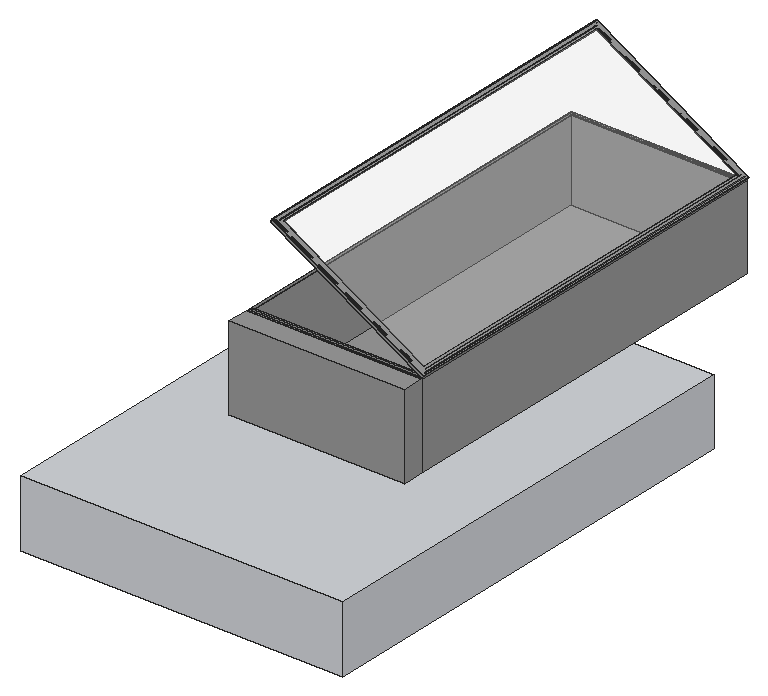
Revit family "Hager-Univers-IP55-D400-H1950-Cl.I-Steel_encl-NL-en", category Equipement électrique, Revit 2020
Family settings
  Hôte = Face
  Configuration du panneau = Deux colonnes, circuits au sein
  Cote de connecteur circulaire = Utiliser le diamètre
  Type d'élément = Tableau de raccordement
  Couper avec des vides une fois chargée = Non
  Partagée = Non
  Point de calcul de pièce = Non
Parameters (values of type "Floor installation IP55 W800 H1950 D400  - FR23V1")
  Width Control [instance] = if([EF000008 - Width] > Min Width, [EF000008 - Width], Min Width)  # 800 mm
  Commentaires du type = [HG000003 - Range]  # "Univers"
  Thickness Door [instance] = if([EF009171 - Material plate thickness door/cover] > 3 mm, 3 mm, [EF009171 - Material plate thickness door/cover])  # 1.5 mm
  Seal Frame Offset [instance] = 17 mm  # constant formula
  Plinth Visibility [instance] = [HG000027 - Plinth height] > 0 mm  # yes
  Model = ""
  Min Width [instance] = 100 mm  # constant formula
  Min Height [instance] = 100 mm  # constant formula
  Min Depth [instance] = (2 * [EF009170 - Material plate thickness cabinet]) + 1 mm  # 4 mm
  Internal Frame Depth [instance] = (Door System Depth * 0.5)  # 9 mm
  Height Control [instance] = if([EF000040 - Height] > Min Height, [EF000040 - Height], Min Height)  # 1950 mm
  HG000027 - Plinth height = 100 mm
  HG000026 - Floor standing = yes
  HG000024 - Bottom section height = 800 mm
  HG000023 - Double section enclosure = no
  HG000016 - Door 3d visibility [instance] = yes
  HG000015 - Clearance visibility [instance] = no
  HG000014 - Door on the right [instance] = yes
  HG000013 - Door on the left [instance] = not([HG000014 - Door on the right])  # no
  HG000012 - Door swing angle [instance] = 30.00°
  HG000010 - Asymmetric doors = no
  HG000009 - Double swing door = no
  HG000006 - Flush mounted = no
  HG000004 - Manufacturer reference = "FR23V1"
  HG000003 - Range = "Univers"
  HG000002 - With door or cover = yes
  Frame Offset Bottom [instance] = 10 mm  # constant formula
  Frame Offset [instance] = 15 mm  # constant formula
  EF015940 - Cover with overpressure release = no
  EF011959 - Degree of protection (NEMA) = ""
  EF009554 - Number of openings for flange plates = 6
  EF009212 - Cover model = "EV000116 - Closed"
  EF009171 - Material plate thickness door/cover = 1.5 mm
  EF009170 - Material plate thickness cabinet = 1.5 mm
  Fabricant = "Hager"  # constant formula
  EF008873 - Nominal current (In) = 800 A
  EF007800 - Suitable for lightning protection = no
  EF006306 - With lock = no
  EF006244 - Transparent cover/door = yes
  EF005474 - Degree of protection (IP) = "EV006420 - IP55"
  EF004464 - Type of door = "EV002646 - Single"
  EF004427 - Number of modules = 432
  EF004293 - Impact strength = "EV008784 - IK10"
  EF003532 - Suitable for outdoor use = no
  EF002950 - Width in number of modular spacings = 24
  EF001613 - Circuit integrity = "EV000494 - None"
  EF001596 - Material housing = "EV000179 - Steel"
  EF001131 - Internal depth = 400 mm
  EF001088 - Extension possible = yes
  EF000437 - Number of conduit inlets = 6
  EF000339 - Type of cover = "EV004216 - Door"
  EF000266 - Number of rows = 12
  EF000218 - Built-in depth = 0 mm
  EF000118 - With mounting plate = no
  EF000116 - RAL-number = "7035"
  EF000049 - Depth = 400 mm
  EF000040 - Height = 1950 mm
  EF000008 - Width = 800 mm
  EF000007 - Colour = "EV000270 - Grey"
  EF000003 - Mounting method = "EV012274 - Floor installation"
  Door System Leaf Tolerance [instance] = 1.5 mm  # constant formula
  Door System Depth [instance] = 18 mm  # constant formula
  Door Height [instance] = Height Control - [HG000027 - Plinth height]  # 1850 mm
  Depth Control [instance] = if([EF000049 - Depth] > Min Depth, [EF000049 - Depth], Min Depth)  # 400 mm
  Default Elevation = 0 mm
  Connector Offset [instance] = Height Control / 2  # 975 mm
  Bottom Top Plate Trim [instance] = 1.5 mm  # constant formula
  Plinth height Ctrl [instance] = if([HG000027 - Plinth height] > 0 mm, [HG000027 - Plinth height], 12 mm)  # 100 mm
Types (11, lengths in mm): name | Width Control | HG000010 - Asymmetric doors | HG000009 - Double swing door | HG000004 - Manufacturer reference | EF009554 - Number of openings for flange plates | EF006244 - Transparent cover/door | EF004464 - Type of door | EF004427 - Number of modules | EF000437 - Number of conduit inlets | EF000008 - Width
  Floor installation IP55 W1050 H1950 D400  - FR24G1 | 1050 | yes | yes | "FR24G1" | 8 | no | "EV003602 - Double" | 576 | 8 | 1050
  Floor installation IP55 W1050 H1950 D400  - FR24V1 | 1050 | yes | yes | "FR24V1" | 8 | yes | "EV003602 - Double" | 576 | 8 | 1050
  Floor installation IP55 W1300 H1950 D400  - FR25G1 | 1300 | yes | yes | "FR25G1" | 10 | no | "EV003602 - Double" | 720 | 10 | 1300
  Floor installation IP55 W1300 H1950 D400  - FR25V1 | 1300 | yes | yes | "FR25V1" | 10 | yes | "EV003602 - Double" | 720 | 10 | 1300
  Floor installation IP55 W1550 H1950 D400  - FR26G1 | 1550 | yes | yes | "FR26G1" | 12 | no | "EV003602 - Double" | 864 | 12 | 1550
  Floor installation IP55 W1550 H1950 D400  - FR26V1 | 1550 | yes | yes | "FR26V1" | 12 | yes | "EV003602 - Double" | 864 | 12 | 1550
  Floor installation IP55 W300 H1950 D400  - FR21G1 | 300 | no | no | "FR21G1" | 2 | no | "EV002646 - Single" | 144 | 2 | 300
  Floor installation IP55 W550 H1950 D400  - FR22G1 | 550 | no | no | "FR22G1" | 4 | no | "EV002646 - Single" | 288 | 4 | 550
  Floor installation IP55 W550 H1950 D400  - FR22V1 | 550 | no | no | "FR22V1" | 4 | yes | "EV002646 - Single" | 288 | 4 | 550
  Floor installation IP55 W800 H1950 D400  - FR23G1 | 800 | no | no | "FR23G1" | 6 | no | "EV002646 - Single" | 432 | 6 | 800
  Floor installation IP55 W800 H1950 D400  - FR23V1 | 800 | no | no | "FR23V1" | 6 | yes | "EV002646 - Single" | 432 | 6 | 800
Reference planes
  plane 1 "Center (Front/Back)": y = 0
  plane 2: z = 0
  plane 3 "Center (Left/Right)": x = 0
  plane 4: z = 400
  plane 5: y = 101.5
  plane 6: y = 1025
  plane 7: y = 100
  plane 8: y = 1950
  plane 9: z = 0
  plane 10: x = -385
  plane 11: x = 385
  plane 12: x = 383.5
  plane 13: x = -383.5
  plane 14: y = 1948.5
  plane 15: x = -383
  plane 16: x = -400
  plane 17: x = 383
  plane 18: x = 400
  plane 19: x = 398.5
  plane 20: x = -398.5
  plane 21: y = 111.5
  plane 22: y = 1950
  plane 23: y = 1933.5
  plane 24: z = 382
  plane 25: z = 1.5
  plane 26: z = 380.5
  plane 27: z = 398.5
Forms (mm)
  Extrusion 1, solid
    sketch origin (0, 0, 0) x (1, 0, 0) y (0, 1, 0)
      loop
        line (-702.964, 1305) -> (-702.964, -811.445) -> (766.763, -811.445) -> (766.763, 1305) -> (-702.964, 1305)
    from 0 to -304.8
  Extrusion 2, solid, material "Hager_Steel_RAL7035_Light_Grey", visible <- "Plinth Visibility", detail levels medium+fine
    sketch origin (0, 0, 0) x (1, 0, 0) y (0, 1, 0)
      loop
        line (-400, 0) -> (400, 0) -> (400, 100) -> (-400, 100) -> (-400, 0)
    from 0 to 382
  Extrusion 3, solid, material "Hager_Steel_RAL7035_Light_Grey", detail levels medium+fine
    sketch origin (0, 0, 0) x (1, 0, 0) y (0, 1, 0)
      loop
        line (-400, 100) -> (400, 100) -> (400, 1950) -> (-400, 1950) -> (-400, 100)
    from 0 to 382
  Extrusion 4, void
    sketch origin (0, 0, 0) x (1, 0, 0) y (0, 1, 0)
      loop
        line (-398.5, 101.5) -> (398.5, 101.5) -> (398.5, 1948.5) -> (-398.5, 1948.5) -> (-398.5, 101.5)
    from 1.5 to 380.5
  Extrusion 5, void
    sketch origin (-381.607, -4572, 382) x (0, -1, 0) y (-1, 0, 0)
      loop
        line (-4683.5, 1.893) -> (-6505.5, 1.893) -> (-6505.5, -765.107) -> (-4683.5, -765.107) -> (-4683.5, 1.893)
    from 0 to 1.5 <- "EF009170 - Material plate thickness cabinet"
  Extrusion 6, solid, material "Hager_Steel_RAL7035_Light_Grey", detail levels fine
    sketch origin (0, 0, 382) x (1, 0, 0) y (0, 1, 0)
      loop
        line (-383.5, 1933.5) -> (-383.5, 111.5) -> (383.5, 111.5) -> (383.5, 1933.5) -> (-383.5, 1933.5)
      loop
        line (-385, 110) -> (385, 110) -> (385, 1935) -> (-385, 1935) -> (-385, 110)
    from 0 to 9 <- "Internal Frame Depth"
  Extrusion 7, solid, material "Hager_Steel_RAL7035_Light_Grey", detail levels coarse
    sketch origin (0, 0, 0) x (1, 0, 0) y (0, 1, 0)
      loop
        line (-400, 0) -> (400, 0) -> (400, 1950) -> (-400, 1950) -> (-400, 0)
    from 0 to 400
  Sweep 8, void
    path in 3D
      loop
        line (-400, 100, 0) -> (400, 100, 0) -> (400, 100, 382) -> (-400, 100, 382) -> (-400, 100, 0)
    profile origin (-400, 100, 191) x (-1, 0, 0) y (0, -1, 0)
      loop
        line (0, 0) -> (0, 1.5) -> (-1.5, 1.5)
        arc (-1.5, 1.5) -> (-1.061, 0.439) -> (0, 0) r 1.5
Cuts and joins
  Extrusion 4, Extrusion 5 cuts Extrusion 3
  Sweep 8 cuts Extrusion 2
Lines and regions (mm)
  Masking region 1
    outline origin (0, 0, 0) x (1, 0, 0) y (0, 0, 1)
      loop
        line (-400, 400) -> (-400, 0) -> (400, 0) -> (400, 400) -> (-400, 400)
  Masking region 2, detail levels medium+fine
    outline origin (0, 140, 0) x (0, 1, 0) y (0, 0, 1)
      loop
        line (-40, 0) -> (1810, 0) -> (1810, 382) -> (-40, 382) -> (-40, 0)
  Masking region 3, not visible, detail levels medium+fine
    outline origin (0, 297.922, 0) x (0, 1, 0) y (0, 0, 1)
      loop
        line (738.578, 0) -> (778.578, 0) -> (778.578, 388.5)
        arc (778.578, 388.5) -> (775.649, 395.571) -> (768.578, 398.5) r 10
        line (768.578, 398.5) -> (738.578, 398.5) -> (738.578, 0)
  Masking region 4, detail levels coarse
    outline origin (0, 0, 180) x (0, 1, 0) y (0, 0, 1)
      loop
        line (0, -180) -> (1950, -180) -> (1950, 220) -> (0, 220) -> (0, -180)
  Masking region 5, visible <- "Plinth Visibility", detail levels medium+fine
    outline origin (0, 52.24, 12.345) x (0, 0, -1) y (0, 1, 0)
      loop
        line (10.845, 47.76) -> (-368.155, 47.76)
        arc (-368.155, 47.76) -> (-368.594, 46.699) -> (-369.655, 46.26) r 1.5
        line (-369.655, 46.26) -> (-369.655, -52.24) -> (12.345, -52.24) -> (12.345, 46.26)
        arc (12.345, 46.26) -> (11.285, 46.699) -> (10.845, 47.76) r 1.5
  Masking region 6, detail levels medium+fine
    outline origin (-381.607, -4572, 382) x (-1, 0, 0) y (0, -1, 0)
      loop
        line (18.393, -6522) -> (18.393, -4672) -> (-781.607, -4672) -> (-781.607, -6522) -> (18.393, -6522)
  Masking region 7, visible <- "Plinth Visibility", detail levels medium+fine
    outline origin (-381.607, -4727, 382) x (-1, 0, 0) y (0, -1, 0)
      loop
        arc (16.893, -4827) -> (17.332, -4825.939) -> (18.393, -4825.5) r 1.5
        line (18.393, -4825.5) -> (18.393, -4727) -> (-781.607, -4727) -> (-781.607, -4825.5)
        arc (-781.607, -4825.5) -> (-780.546, -4825.939) -> (-780.107, -4827) r 1.5
        line (-780.107, -4827) -> (16.893, -4827)
  Masking region 8, detail levels coarse
    outline origin (-442.548, -4669.526, 382) x (-1, 0, 0) y (0, -1, 0)
      loop
        line (-42.548, -6619.526) -> (-42.548, -4669.526) -> (-842.548, -4669.526) -> (-842.548, -6619.526) -> (-42.548, -6619.526)
  sketch lines
    curve 1: line (-400, 100, 382) -> (-400, 100, 0)
    curve 2: line (400, 100, 382) -> (-400, 100, 382)
    curve 3: line (400, 100, 382) -> (400, 100, 0)
    curve 4: line (-400, 100, 0) -> (400, 100, 0)
Dimensions and locks
  "Depth Control": plane 4 to Extrusion 1
  "HG000027 - Plinth height": plane 1 "Center (Front/Back)" to plane 7
  "EF009170 - Material plate thickness cabinet": plane 5 to plane 7
  locked: connector elem to plane 3 "Center (Left/Right)"
  equal spacing: plane 8, plane 6, plane 7
  locked: connector elem to plane 6
  "EF009170 - Material plate thickness cabinet": plane 8 to plane 14
  "EF009170 - Material plate thickness cabinet": plane 10 to plane 13
  "EF009170 - Material plate thickness cabinet": plane 12 to plane 11
  "Frame Offset": plane 20 to plane 13
  "Frame Offset": plane 12 to plane 19
  "EF009170 - Material plate thickness cabinet": plane 16 to plane 20
  "EF009170 - Material plate thickness cabinet": plane 19 to plane 18
  "Seal Frame Offset": plane 16 to plane 15
  "Seal Frame Offset": plane 17 to plane 18
  "Frame Offset Bottom": plane 21 to plane 5
  "Frame Offset": plane 14 to plane 23
  equal spacing: plane 16, plane 3 "Center (Left/Right)", plane 18
  "Width Control": plane 16 to plane 18
  "EF009170 - Material plate thickness cabinet": plane 4 to plane 27
  "EF009170 - Material plate thickness cabinet": plane 24 to plane 26
  "EF009170 - Material plate thickness cabinet": plane 25 to level
  "Door System Depth": plane 4 to plane 24
  "Height Control": plane 1 "Center (Front/Back)" to Extrusion 7 sketch curve
  "Height Control": Masking region 4 sketch curve to plane 1 "Center (Front/Back)"
  "Height Control": plane 1 "Center (Front/Back)" to plane 22
  "Bottom Top Plate Trim": profile plane to Sweep 8 sketch curve
  "Bottom Top Plate Trim": Sweep 8 sketch curve to profile plane
  "Plinth height Ctrl": plane 1 "Center (Front/Back)" to Extrusion 2 sketch curve
  "Plinth height Ctrl": Masking region 5 sketch curve to plane 1 "Center (Front/Back)"
  "Plinth height Ctrl": plane 1 "Center (Front/Back)" to Masking region 7 sketch curve
  "Thickness Door": Extrusion 6 sketch curve to Extrusion 6 sketch curve  (x3)
  "Thickness Door": cut or joined group of Extrusion 3, Extrusion 4, Extrusion 5 to Extrusion 6 sketch curve
  radius of Masking region 3 sketch curve = 10 mm
  "Bottom Top Plate Trim": radius of Masking region 5 sketch curve  (x2)
  "Bottom Top Plate Trim": radius of Sweep 8 sketch curve
  "Bottom Top Plate Trim": radius of Masking region 7 sketch curve  (x2)
  aligned and locked: plane 2 to Extrusion 1
  aligned and locked: level to Extrusion 1
  aligned and locked: level to Masking region 1 sketch curve
  aligned and locked: Masking region 1 sketch curve to plane 18
  aligned and locked: Masking region 1 sketch curve to plane 16
  aligned and locked: plane 7 to Masking region 2 sketch curve
  aligned and locked: level to Masking region 3 sketch curve
  aligned and locked: Masking region 3 sketch curve to plane 27
  aligned and locked: level to Masking region 2 sketch curve
  aligned and locked: plane 1 "Center (Front/Back)" to Extrusion 2 sketch curve
  aligned and locked: Extrusion 3 sketch curve to plane 7
  aligned and locked: plane 16 to Extrusion 3 sketch curve
  aligned and locked: plane 18 to Extrusion 3 sketch curve
  aligned and locked: plane 20 to Extrusion 4 sketch curve
  aligned and locked: plane 19 to Extrusion 4 sketch curve
  aligned and locked: Extrusion 4 sketch curve to plane 5
  aligned and locked: Extrusion 4 to plane 25
  aligned and locked: plane 26 to Extrusion 4
  aligned and locked: plane 24 to Extrusion 3
  aligned and locked: Extrusion 5 sketch curve to plane 21
  aligned and locked: Extrusion 5 sketch curve to plane 13
  aligned and locked: Extrusion 5 sketch curve to plane 12
  aligned and locked: plane 18 to Extrusion 7 sketch curve
  aligned and locked: plane 1 "Center (Front/Back)" to Extrusion 7 sketch curve
  aligned and locked: plane 16 to Extrusion 7 sketch curve
  aligned and locked: plane 4 to Extrusion 7
  aligned and locked: Extrusion 7 to level
  aligned and locked: level to Masking region 4 sketch curve
  aligned and locked: Masking region 4 sketch curve to plane 1 "Center (Front/Back)"
  aligned and locked: Masking region 4 sketch curve to plane 4
  aligned and locked: nested 1 to level
  aligned and locked: nested 1 to plane 16
  aligned and locked: plane 8 to Extrusion 3 sketch curve
  aligned and locked: plane 23 to Extrusion 5 sketch curve
  aligned and locked: plane 14 to Extrusion 4 sketch curve
  aligned and locked: Masking region 2 sketch curve to plane 8
  aligned and locked: level to Masking region 5 sketch curve
  aligned and locked: plane 16 to Extrusion 2 sketch curve
  aligned and locked: plane 18 to Extrusion 2 sketch curve
  aligned and locked: Masking region 5 sketch curve to plane 24
  aligned and locked: Masking region 2 sketch curve to plane 24
  aligned and locked: plane 24 to Extrusion 2
  aligned and locked: profile plane to Sweep 8 sketch curve  (x2)
  aligned and locked: Masking region 6 sketch curve to plane 18
  aligned and locked: Masking region 6 sketch curve to plane 22
  aligned and locked: Masking region 6 sketch curve to plane 16
  aligned and locked: plane 8 to plane 22
  aligned and locked: Masking region 6 sketch curve to plane 7
  aligned and locked: Masking region 7 sketch curve to plane 16
  aligned and locked: Masking region 7 sketch curve to plane 1 "Center (Front/Back)"
  aligned and locked: Masking region 7 sketch curve to plane 18
  aligned and locked: Masking region 8 sketch curve to plane 1 "Center (Front/Back)"
  aligned and locked: Masking region 8 sketch curve to plane 18
  aligned and locked: Masking region 8 sketch curve to plane 22
  aligned and locked: Masking region 8 sketch curve to plane 16
  aligned and locked: nested 2 to plane 7
  aligned and locked: plane 3 "Center (Left/Right)" to nested 2
  aligned and locked: nested 2 to plane 24
  aligned and locked: Extrusion 6 sketch curve to cut or joined group of Extrusion 3, Extrusion 4, Extrusion 5  (x4)
Automatic sketch dimensions
  Extrusion 1 sketch curve to Extrusion 1 sketch curve = 1469.727 mm
  Extrusion 1 sketch curve to Extrusion 1 sketch curve = 2116.445 mm
  Masking region 1 sketch curve to plane 4 = 0 mm
  plane 6 to Masking region 3 sketch curve = 11.5 mm
  Masking region 3 sketch curve to Masking region 3 sketch curve = 30 mm
  Masking region 5 sketch curve to plane 1 "Center (Front/Back)" = 0 mm
Nested families
  nested 1: "Hager_Enclosure_Symbol" at (-400, 0, 0) x (1, 0, 0) z (0, -1, 0), Height <- "Depth Control", Width <- "Width Control", type "Hager_Enclosure_Symbol"
    with Width_Ctrl 800 mm, Width 800 mm, Height_Ctrl 400 mm, Height 400 mm, A_Width_Int 26.25 mm, A_Width 315 mm, A_Height_Ctrl 350 mm, A_Height 350 mm
  nested 2: "EC000058_Univers_Door" at (0, 100, 382) x (1, 0, 0) z (0, 1, 0), Leaf_Tolerance <- "Door System Leaf Tolerance", Angle <- "HG000012 - Door swing angle", Door_Depth <- "Door System Depth", Door_Left <- "HG000013 - Door on the left", Transparent <- "EF006244 - Transparent cover/door", Assymetrical <- "HG000010 - Asymmetric doors", Width <- "Width Control", Clearance <- "HG000015 - Clearance visibility", Double <- "HG000009 - Double swing door", 3d_Door <- "HG000016 - Door 3d visibility", Lock_Visibility <- "EF006306 - With lock", Width_Ctrl <- "Width Control", Door_Right <- "HG000014 - Door on the right", Door <- "HG000002 - With door or cover", Height <- "Door Height", Thickness <- "Thickness Door", type "EC000058_Univers_Door", detail levels medium+fine
    with min_wh 4 mm, Width_Ctrl 800 mm, Width 800 mm, Transparent yes, Thickness 1.5 mm, Seal_Material Hager_Rubber, Lock_Visibility no, Lock_Material Hager_Plastic_RAL9005_Jet_Black, Leaf_Width 800 mm, Leaf_Tolerance_External_Sides 0 mm, Leaf_Tolerance 1.5 mm, Leaf_Offset 0 mm, Leaf_Height 1847 mm, Leaf_2_Width 800 mm, Leaf_2_Offset 400 mm, Leaf_1_Width 800 mm, Leaf_1_Offset 400 mm, Height_Ctrl 1850 mm, Height 1850 mm, Glass_Material Hager_Glass, Double_Clearance_Ctrl no, Double no, Door_Right_Ctrl yes, Door_Right yes, Door_Material Hager_Steel_RAL7035_Light_Grey, Door_Left_Ctrl no, Door_Left no, Door_Depth 18 mm, Door yes, Clearance_Material Hager_Clearance, Clearance_Depth 800 mm, Clearance_Ctrl no, Clearance no, Assymetrical no, Angle 30.00°, 3d_Door yes
Connectors
  electrical at (0, 1025, 0)
    settings: on plane 9, index 1, voltage 0 V, apparent load 0 VA, apparent load phase1 0 VA, apparent load phase2 0 VA, apparent load phase3 0 VA, power factor 1, load classification "Other", number of poles 1, system type 30, power factor state 1, is connector primary yes, connector utility no, sub classification motor no, connector description ""
Definition of nested family "EC000058_Univers_Door"
  Parameters (values of type "EC000058_Univers_Door")
    min_wh [instance] = (2 * Thickness) + 1 mm  # 11 mm
    Width_Ctrl [instance] = 400 mm
    Width [instance] = 500 mm
    Transparent [instance] = yes
    Thickness [instance] = 5 mm
    Seal_Material [instance] = none
    Lock_Visibility [instance] = yes
    Lock_Material [instance] = none
    Leaf_Width [instance] = if((Width_Ctrl - 2 * Leaf_Tolerance_External_Sides) > 0 mm, (Width_Ctrl - 2 * Leaf_Tolerance_External_Sides), min_wh)  # 400 mm
    Leaf_Tolerance_External_Sides [instance] = 0 mm  # constant formula
    Leaf_Tolerance [instance] = 1.5 mm
    Leaf_Offset [instance] = 0 mm  # constant formula
    Leaf_Height [instance] = if((Height_Ctrl - 2 * Leaf_Tolerance) > 0 mm, (Height_Ctrl - 2 * Leaf_Tolerance), min_wh)  # 497 mm
    Leaf_2_Width [instance] = if(and(and(Double, Assymetrical), Door_Left), (Leaf_Width / 3) - (Leaf_Tolerance / 2), if(and(and(Double, Assymetrical), Door_Right), (Leaf_Width / 3) * 2 - (Leaf_Tolerance / 2), if(and(Double, not(Assymetrical)), (Leaf_Width / 2) - Leaf_Tolerance, Leaf_Width)))  # 400 mm
    Leaf_2_Offset [instance] = if(and(Double, Assymetrical), Leaf_2_Width / 2, if(and(Double, not(Assymetrical)), Leaf_Width / 4, Leaf_Width / 2))  # 200 mm
    Leaf_1_Width [instance] = if(and(and(Double, Assymetrical), Door_Right), (Leaf_Width / 3) - (Leaf_Tolerance / 2), if(and(and(Double, Assymetrical), Door_Left), (Width / 3) * 2 - (Leaf_Tolerance / 2), if(and(Double, not(Assymetrical)), (Leaf_Width / 2) - Leaf_Tolerance, Leaf_Width)))  # 400 mm
    Leaf_1_Offset [instance] = if(and(Double, Assymetrical), Leaf_1_Width / 2, if(and(Double, not(Assymetrical)), Leaf_Width / 4, Leaf_Width / 2))  # 200 mm
    Height_Ctrl [instance] = if(Height > min_wh, Height, min_wh)  # 500 mm
    Height [instance] = 500 mm
    Glass_Material [instance] = none
    Double_Clearance_Ctrl [instance] = and(Double, Clearance)  # no
    Double [instance] = no
    Door_Right_Ctrl [instance] = and(or(Door_Right, Double), Door)  # yes
    Door_Right [instance] = yes
    Door_Material [instance] = none
    Door_Left_Ctrl [instance] = and(or(Door_Left, Double), Door)  # no
    Door_Left [instance] = no
    Door_Depth [instance] = 30 mm
    Door [instance] = yes
    Default Elevation = 1219.2 mm
    Clearance_Material [instance] = none
    Clearance_Depth [instance] = if(Leaf_1_Width > Leaf_2_Width, Leaf_1_Width, Leaf_2_Width)  # 400 mm
    Clearance_Ctrl [instance] = and(not(Double), Clearance)  # yes
    Clearance [instance] = yes
    Assymetrical [instance] = yes
    Angle [instance] = 30.00°
    3d_Door [instance] = yes
  Reference planes
    plane 1 "Center (Front/Back)": y = 0
    plane 2 "Bottom": z = 0
    plane 3 "Center (Left/Right)": x = 0
    plane 4: z = 500
    plane 5: x = -200
    plane 6: x = 200
    plane 7: z = 500
    plane 8: x = -200
    plane 9: z = 0
    plane 10: x = 200
    plane 11: y = 0
    plane 12: z = 1.5
    plane 13: x = -600
    plane 14: y = -400
    plane 15: x = 600
    plane 16: x = 0
    plane 17: x = 0
    plane 18: x = -200
    plane 19: x = 200
    plane 20: z = 498.5
  Forms (mm)
    Extrusion 1, solid, material <- "Clearance_Material", visible <- "Double_Clearance_Ctrl"
      sketch origin (1200, 0, 0) x (1, 0, 0) y (0, 0, -1)
        loop
          line (-1800, -498.5) -> (-600, -498.5) -> (-600, 0) -> (-1800, 0) -> (-1800, -498.5)
      from 0 to -400
  Dimensions and locks
    equal spacing: plane 5, plane 3 "Center (Left/Right)", plane 6
    "Width_Ctrl": plane 5 to plane 6
    "Leaf_Offset": plane 5 to plane 8
    "Leaf_Offset": plane 6 to plane 10
    "Leaf_Offset": plane 9 to level
    "Leaf_Offset": plane 4 to plane 7
    "Height_Ctrl": plane 4 to level
    "Leaf_Tolerance": plane 12 to plane 9
    locked: plane 11 to plane 1 "Center (Front/Back)"
    "Leaf_1_Offset": plane 18 to plane 16
    "Leaf_2_Offset": plane 17 to plane 19
    "Leaf_1_Width": plane 13 to plane 8
    "Leaf_2_Width": plane 10 to plane 15
    "Clearance_Depth": plane 14 to plane 1 "Center (Front/Back)"
    "Leaf_Tolerance_External_Sides": plane 8 to plane 18
    "Leaf_Tolerance_External_Sides": plane 19 to plane 10
    "Leaf_Tolerance": plane 7 to plane 20
    aligned and locked: level to plane 2 "Bottom"
    aligned and locked: nested 1 to plane 16
    aligned and locked: nested 2 to plane 17
    aligned and locked: Extrusion 1 to plane 13
    aligned and locked: plane 15 to Extrusion 1
    aligned and locked: Extrusion 1 to plane 14
    aligned and locked: plane 12 to nested 1
    aligned and locked: nested 2 to plane 12
    aligned and locked: Extrusion 1 to plane 11
    aligned and locked: plane 20 to Extrusion 1
    aligned and locked: nested 2 to plane 11
    aligned and locked: nested 1 to plane 11
  Automatic sketch dimensions
    Extrusion 1 sketch curve to level = 0 mm
    plane 5 to Extrusion 1 sketch curve = 400 mm
    plane 6 to Extrusion 1 sketch curve = 400 mm
    Extrusion 1 sketch curve to plane 4 = 1.5 mm
  Nested families
    nested 1: "EC000058_Univers_Door_Leaf" at (0, 0, 1.5), Width <- "Leaf_1_Width", visible <- "Door_Left_Ctrl", Leaf_Height <- "Leaf_Height", Angle <- "Angle", 3d_Door <- "3d_Door", Transparent <- "Transparent", Clearance Material <- "Clearance_Material", Clearance <- "Clearance_Ctrl", Door_Material <- "Door_Material", Glass_Material <- "Glass_Material", Door_Depth <- "Door_Depth", Lock_Material <- "Lock_Material", Seal_Material <- "Seal_Material", Lock_Visibility <- "Lock_Visibility", Thickness <- "Thickness", type "EC000058_Univers_Door_Leaf"
      with Width 400 mm, Transparent_Glass_Offset 30 mm, Transparent_Ctrl yes, Transparent yes, Thickness 5 mm, Standard no, Seal_Material none, Seal_D2 8 mm, Seal_D1 1 mm, Offset_Internal_Frame 10 mm, Lock_Width 20 mm, Lock_Visibility_3d yes, Lock_Visibility yes, Lock_Thickness_3 3 mm, Lock_Thickness_2 1 mm, Lock_Thickness_1 3 mm, Lock_Radius_Offset_2 16 mm, Lock_Radius_Offset_1 15 mm, Lock_Radius_2 5 mm, Lock_Radius 6 mm, Lock_Offset 5 mm, Lock_Material none, Lock_Height 80 mm, Lock_Cover_Top_Offset_2d 17 mm, Lock_Cover_Height -65 mm, Leaf_Height 497 mm, Internal_Seal_Thickness 8 mm, Internal_Seal_Depth_2 4.5 mm, Internal_Frame_Depth 25 mm, Glass_Thickness -1 mm, Glass_Offset -2 mm, Glass_Material none, Door_Material none, Door_Depth 30 mm, Clearance Material none, Clearance yes, Angle_Ctrl 30.00°, Angle 30.00°, 3d_Door yes
    nested 2: "EC000058_Univers_Door_Leaf" at (0, 0, 1.5) x (-1, 0, 0) z (0, 0, 1), Width <- "Leaf_2_Width", visible <- "Door_Right_Ctrl", Leaf_Height <- "Leaf_Height", Angle <- "Angle", 3d_Door <- "3d_Door", Transparent <- "Transparent", Clearance Material <- "Clearance_Material", Clearance <- "Clearance_Ctrl", Door_Material <- "Door_Material", Glass_Material <- "Glass_Material", Door_Depth <- "Door_Depth", Lock_Material <- "Lock_Material", Seal_Material <- "Seal_Material", Lock_Visibility <- "Lock_Visibility", Thickness <- "Thickness", type "EC000058_Univers_Door_Leaf"
      with Width 400 mm, Transparent_Glass_Offset 30 mm, Transparent_Ctrl yes, Transparent yes, Thickness 5 mm, Standard no, Seal_Material none, Seal_D2 8 mm, Seal_D1 1 mm, Offset_Internal_Frame 10 mm, Lock_Width 20 mm, Lock_Visibility_3d yes, Lock_Visibility yes, Lock_Thickness_3 3 mm, Lock_Thickness_2 1 mm, Lock_Thickness_1 3 mm, Lock_Radius_Offset_2 16 mm, Lock_Radius_Offset_1 15 mm, Lock_Radius_2 5 mm, Lock_Radius 6 mm, Lock_Offset 5 mm, Lock_Material none, Lock_Height 80 mm, Lock_Cover_Top_Offset_2d 17 mm, Lock_Cover_Height -65 mm, Leaf_Height 497 mm, Internal_Seal_Thickness 8 mm, Internal_Seal_Depth_2 4.5 mm, Internal_Frame_Depth 25 mm, Glass_Thickness -1 mm, Glass_Offset -2 mm, Glass_Material none, Door_Material none, Door_Depth 30 mm, Clearance Material none, Clearance yes, Angle_Ctrl 30.00°, Angle 30.00°, 3d_Door yes
  Definition of nested family "EC000058_Univers_Door_Leaf"
    Parameters (values of type "EC000058_Univers_Door_Leaf")
      Width [instance] = 2000 mm
      Transparent_Glass_Offset [instance] = 30 mm
      Transparent_Ctrl [instance] = and(Transparent, [3d_Door])  # yes
      Transparent [instance] = yes
      Thickness [instance] = 5 mm
      Standard [instance] = and(not(Transparent), [3d_Door])  # no
      Seal_Material [instance] = none
      Seal_D2 [instance] = 8 mm  # constant formula
      Seal_D1 [instance] = 1 mm  # constant formula
      Offset_Internal_Frame [instance] = 10 mm  # constant formula
      Lock_Width [instance] = 20 mm  # constant formula
      Lock_Visibility_3d [instance] = and(Lock_Visibility, [3d_Door])  # yes
      Lock_Visibility [instance] = yes
      Lock_Thickness_3 [instance] = 3 mm  # constant formula
      Lock_Thickness_2 [instance] = 1 mm  # constant formula
      Lock_Thickness_1 [instance] = 3 mm  # constant formula
      Lock_Radius_Offset_2 [instance] = Lock_Radius_Offset_1 + 1 mm  # 16 mm
      Lock_Radius_Offset_1 [instance] = 15 mm  # constant formula
      Lock_Radius_2 [instance] = Lock_Radius - 1 mm  # 5 mm
      Lock_Radius [instance] = 6 mm  # constant formula
      Lock_Offset [instance] = 5 mm  # constant formula
      Lock_Material [instance] = none
      Lock_Height [instance] = 80 mm  # constant formula
      Lock_Cover_Top_Offset_2d [instance] = Lock_Radius_Offset_2 + 1 mm  # 17 mm
      Lock_Cover_Height [instance] = -(Lock_Height - Lock_Radius_Offset_1)  # -65 mm
      Leaf_Height [instance] = 2720.336 mm
      Internal_Seal_Thickness [instance] = 8 mm  # constant formula
      Internal_Seal_Depth_2 [instance] = 4.5 mm  # constant formula
      Internal_Frame_Depth [instance] = if(Door_Depth - Thickness > 5 mm, Door_Depth - Thickness, 5 mm)  # 25 mm
      Glass_Thickness [instance] = if(Thickness > 15 mm, Glass_Offset + 10 mm, -1 mm)  # -1 mm
      Glass_Offset [instance] = if(Thickness > 15 mm, -(Thickness + 10 mm) / 2, -2 mm)  # -2 mm
      Glass_Material [instance] = none
      Door_Material [instance] = none
      Door_Depth [instance] = 30 mm
      Default Elevation = 0 mm
      Clearance Material [instance] = none
      Clearance [instance] = yes
      Angle_Ctrl [instance] = if(Angle > 180.00°, 180.00°, Angle)  # 90.00°
      Angle [instance] = 90.00°
      3d_Door [instance] = yes
    Reference planes
      plane 1 "Center (Front/Back)": y = 0
      plane 2: z = 0
      plane 3 "Center (Left/Right)": x = 0
      plane 4: y = 2000
      plane 5: x = -1000
      plane 6: x = 1000
      plane 7: x = -3000
      plane 8: z = 2720.336
      plane 9: z = 30
      plane 10: z = 2690.336
      plane 11: x = 970
      plane 12: x = -970
      plane 13: y = -3
      plane 14: z = 107.833
      plane 15: y = -5
      plane 16: y = -223.314
      plane 17: x = -1000
      plane 18: z = 1360.168
      plane 19: y = 30
    Forms (mm)
      Extrusion 1, solid, material <- "Clearance Material", visible <- "Clearance"
        sketch origin (0, 0, 0) x (1, 0, 0) y (0, 0, 1)
          loop
            line (-3000, 2720.336) -> (-3000, 0) -> (1000, 0) -> (1000, 2720.336) -> (-3000, 2720.336)
        from 0 to -2000
      Extrusion 2, solid, material <- "Door_Material", visible <- "Standard", detail levels medium+fine
        sketch origin (-1000, 0, 0) x (0, 1, 0) y (-1, 0, 0)
          loop
            line (0, 30) -> (0, 25) -> (2000, 25) -> (2000, 30) -> (0, 30)
        from 0 to 2720.336 <- "Leaf_Height"
      Extrusion 3, solid, material <- "Door_Material", visible <- "Transparent_Ctrl", detail levels medium+fine
        sketch origin (-1000, 0, 0) x (0, 1, 0) y (-1, 0, 0)
          loop
            line (0, 25) -> (2000, 25) -> (2000, 30) -> (0, 30) -> (0, 25)
        from 0 to 2720.336 <- "Leaf_Height"
      Extrusion 4, void
        sketch origin (-1025, 2000, 0) x (0, 1, 0) y (0, 0, -1)
          loop
            line (-30, -2690.336) -> (-30, -30) -> (-1970, -30) -> (-1970, -2690.336) -> (-30, -2690.336)
        from 0 to 5 <- "Thickness"
      Sweep 5, solid, material <- "Seal_Material", visible <- "Transparent_Ctrl", detail levels fine
        path in 3D
          loop
            line (-1025, 30, 30) -> (-1025, 30, 2690.336) -> (-1025, 1970, 2690.336) -> (-1025, 1970, 30) -> (-1025, 30, 30)
        profile origin (-1025, 1000, 30) x (1, 0, 0) y (0, 0, 1)
          loop
            line (0, 0) -> (0, -8) -> (1, -8) -> (1, 0) -> (0, 0)
      Extrusion 6, solid, material <- "Glass_Material", visible <- "Transparent_Ctrl", detail levels medium+fine
        sketch origin (-1030, 0, 0) x (0, 1, 0) y (0, 0, -1)
          loop
            line (1970, -2690.336) -> (1970, -30) -> (30, -30) -> (30, -2690.336) -> (1970, -2690.336)
        from -2 <- "Glass_Offset" to -1 <- "Glass_Thickness"
      Extrusion 7, solid, material <- "Door_Material", visible <- "3d_Door", detail levels medium+fine
        sketch origin (-1025, 2000, 0) x (0, -1, 0) y (0, 0, -1)
          loop
            line (0, -2720.336) -> (2000, -2720.336) -> (2000, 0) -> (0, 0) -> (0, -2720.336)
          loop
            line (1995, -5) -> (5, -5) -> (5, -2715.336) -> (1995, -2715.336) -> (1995, -5)
        from 0 to 25 <- "Internal_Frame_Depth"
      Sweep 8, solid, material <- "Seal_Material", visible <- "Transparent_Ctrl", detail levels fine
        path in 3D
          loop
            line (-1025, 0, 0) -> (-1025, 2000, 0) -> (-1025, 2000, 2720.336) -> (-1025, 0, 2720.336) -> (-1025, 0, 0)
        profile origin (-1025, 0, 1360.168) x (1, 0, 0) y (0, 1, 0)
          loop
            line (0, 10) -> (2.975, 10)
            arc (2.975, 10) -> (4.053, 10.447) -> (4.5, 11.525) r 1.525
            line (4.5, 11.525) -> (4.5, 16.527)
            arc (4.5, 16.527) -> (4.069, 17.569) -> (3.027, 18) r 1.473
            line (3.027, 18) -> (0, 18) -> (0, 10)
      Extrusion 9, solid, material <- "Lock_Material", visible <- "Lock_Visibility_3d", detail levels fine
        sketch origin (-1030, 0, 0) x (0, 1, 0) y (0, 0, -1)
          loop
            arc (1993.5, -1400.168) -> (1994.561, -1399.729) -> (1995, -1398.668) r 1.5
            line (1995, -1398.668) -> (1995, -1320.168) -> (1975, -1320.168) -> (1975, -1398.668)
            arc (1975, -1398.668) -> (1975.439, -1399.729) -> (1976.5, -1400.168) r 1.5
            line (1976.5, -1400.168) -> (1993.5, -1400.168)
        from 3 <- "Lock_Thickness_1" to 0
      Blend 10, solid, material <- "Lock_Material", visible <- "Lock_Visibility_3d", detail levels fine
        base sketch origin (-1033, 0, 0) x (0, 1, 0) y (0, 0, -1)
          loop
            line (1975, -1320.168) -> (1975, -1398.668)
            arc (1975, -1398.668) -> (1975.439, -1399.729) -> (1976.5, -1400.168) r 1.5
            line (1976.5, -1400.168) -> (1993.5, -1400.168)
            arc (1993.5, -1400.168) -> (1994.561, -1399.729) -> (1995, -1398.668) r 1.5
            line (1995, -1398.668) -> (1995, -1320.168) -> (1975, -1320.168)
        top sketch origin (-1033, 0, 0) x (0, 1, 0) y (0, 0, -1)
          loop
            line (1976, -1320.168) -> (1976, -1398.668)
            arc (1976, -1398.668) -> (1976.146, -1399.022) -> (1976.5, -1399.168) r 0.5
            line (1976.5, -1399.168) -> (1993.5, -1399.168)
            arc (1993.5, -1399.168) -> (1993.854, -1399.022) -> (1994, -1398.668) r 0.5
            line (1994, -1398.668) -> (1994, -1320.168) -> (1976, -1320.168)
        from 0 to 1 <- "Lock_Thickness_2"
      Blend 11, solid, material <- "Lock_Material", visible <- "Lock_Visibility_3d", detail levels fine
        base sketch origin (-1034, 0, 0) x (0, 1, 0) y (0, 0, -1)
          loop
            line (1978, -1320.168) -> (1978, -1384.168)
            arc (1978, -1384.168) -> (1985, -1391.168) -> (1992, -1384.168) r 7
            line (1992, -1384.168) -> (1992, -1320.168) -> (1978, -1320.168)
        top sketch origin (-1034, 0, 0) x (0, 1, 0) y (0, 0, -1)
          loop
            line (1991, -1320.168) -> (1979, -1320.168) -> (1979, -1383.168)
            arc (1979, -1383.168) -> (1985, -1389.168) -> (1991, -1383.168) r 6
            line (1991, -1383.168) -> (1991, -1320.168)
        from 0 to 3 <- "Lock_Thickness_3"
      Extrusion 12, solid, material <- "Lock_Material", visible <- "Lock_Visibility_3d", detail levels fine
        sketch origin (-1030, 1975, 1320.168) x (1, 0, 0) y (0, -1, 0)
          loop
            line (-7, -19) -> (-7, -1) -> (0, -1) -> (0, 0) -> (-8, 0) -> (-8, -20) -> (0, -20) -> (0, -19) -> (-7, -19)
        from 0 to -65 <- "Lock_Cover_Height"
      Extrusion 13, void
        sketch origin (-1038, 1995, 1320.168) x (-1, 0, 0) y (0, 0, -1)
          loop
            line (-5, -65) -> (0, -65) -> (-5, -60) -> (-5, -65)
        from 0 to 20 <- "Lock_Width"
      Extrusion 14, void
        sketch origin (-1038, 1975, 1320.168) x (0, -1, 0) y (0, 0, -1)
          loop
            circle (-10, -15.995) r 6
          loop
            circle (-10, -15.995) r 5
        from 0 to 2
      Extrusion 15, solid, material <- "Lock_Material", visible <- "Lock_Visibility_3d", detail levels medium
        sketch origin (-1030, 0, 0) x (0, 1, 0) y (0, 0, -1)
          loop
            arc (1993.5, -1400.168) -> (1994.561, -1399.729) -> (1995, -1398.668) r 1.5
            line (1995, -1398.668) -> (1995, -1320.168) -> (1975, -1320.168) -> (1975, -1398.668)
            arc (1975, -1398.668) -> (1975.439, -1399.729) -> (1976.5, -1400.168) r 1.5
            line (1976.5, -1400.168) -> (1993.5, -1400.168)
        from 8 to 0
    Cuts and joins
      Extrusion 4 cuts Extrusion 3
      Extrusion 13, Extrusion 14 cuts Extrusion 9
      Extrusion 14 cuts Blend 11
      Extrusion 13, Extrusion 14 cuts Extrusion 12
      joined: Extrusion 9, Blend 10, Blend 11, Extrusion 12
      Extrusion 14 cuts Extrusion 15
    Lines and regions (mm)
      Masking region 1, visible <- "Lock_Visibility", detail levels fine
        outline origin (0, 0, 0) x (0, 1, 0) y (0, 0, 1)
          loop
            line (30, 1320.168) -> (33, 1320.168) -> (33, 1400.168) -> (30, 1400.168) -> (30, 1320.168)
      Masking region 2, visible <- "Lock_Visibility", detail levels fine
        outline origin (0, 3.143, 0) x (0, 1, 0) y (0, 0, 1)
          loop
            line (29.857, 1354.168) -> (30.857, 1354.168) -> (30.857, 1366.168) -> (29.857, 1366.168) -> (29.857, 1354.168)
      Masking region 3, detail levels medium+fine
        outline origin (0, 0, 0) x (0, 1, 0) y (0, 0, 1)
          loop
            line (0, 0) -> (30, 0) -> (30, 2720.336) -> (0, 2720.336) -> (0, 0)
      Masking region 4, detail levels medium+fine
        outline origin (0, 0, 0) x (1, 0, 0) y (0, 0, 1)
          loop
            line (-1000, 2720.336) -> (-1000, 0) -> (1000, 0) -> (1000, 2720.336) -> (-1000, 2720.336)
      Masking region 5, visible <- "Lock_Visibility", detail levels fine
        outline origin (-47.116, 0, 0) x (1, 0, 0) y (0, 0, 1)
          loop
            arc (1024.616, 1399.168) -> (1023.556, 1398.729) -> (1023.116, 1397.668) r 1.5
            line (1023.116, 1397.668) -> (1023.116, 1320.168) -> (1041.116, 1320.168) -> (1041.116, 1397.668)
            arc (1041.116, 1397.668) -> (1040.677, 1398.729) -> (1039.616, 1399.168) r 1.5
            line (1039.616, 1399.168) -> (1024.616, 1399.168)
      Masking region 6, visible <- "Lock_Visibility", detail levels medium+fine
        outline origin (-25, 0, 0) x (1, 0, 0) y (0, 0, 1)
          loop
            arc (1001.5, 1400.168) -> (1000.439, 1399.729) -> (1000, 1398.668) r 1.5
            line (1000, 1398.668) -> (1000, 1320.168) -> (1020, 1320.168) -> (1020, 1398.668)
            arc (1020, 1398.668) -> (1019.561, 1399.729) -> (1018.5, 1400.168) r 1.5
            line (1018.5, 1400.168) -> (1001.5, 1400.168)
      Masking region 7, visible <- "Lock_Visibility", detail levels fine
        outline origin (-73.735, 0, 0) x (1, 0, 0) y (0, 0, 1)
          loop
            line (1051.735, 1382.168) -> (1065.735, 1382.168) -> (1065.735, 1384.168)
            arc (1065.735, 1384.168) -> (1058.735, 1391.168) -> (1051.735, 1384.168) r 7
            line (1051.735, 1384.168) -> (1051.735, 1382.168)
      Masking region 8, visible <- "Lock_Visibility", detail levels fine
        outline origin (-73.735, 0, 0) x (1, 0, 0) y (0, 0, 1)
          loop
            line (1052.735, 1382.168) -> (1064.735, 1382.168) -> (1064.735, 1383.168)
            arc (1064.735, 1383.168) -> (1058.735, 1389.168) -> (1052.735, 1383.168) r 6
            line (1052.735, 1383.168) -> (1052.735, 1382.168)
      Masking region 9, visible <- "Lock_Visibility", detail levels fine
        outline origin (-25, 0, 0) x (1, 0, 0) y (0, 0, 1)
          loop
            line (1020, 1320.168) -> (1020, 1382.168) -> (1000, 1382.168) -> (1000, 1320.168) -> (1020, 1320.168)
      Masking region 10, detail levels medium+fine
        outline origin (0, 0, 0) x (1, 0, 0) y (0, 0, 1)
          loop
            circle (985, 1335.144) r 6
      Masking region 11, detail levels fine
        outline origin (0, 0, 0) x (1, 0, 0) y (0, 0, 1)
          loop
            circle (985, 1335.144) r 5
      Masking region 12, visible <- "Lock_Visibility", detail levels fine
        outline origin (0, 12.767, 0) x (0, 1, 0) y (0, 0, 1)
          loop
            line (20.233, 1320.168) -> (21.233, 1320.168) -> (21.233, 1399.168) -> (20.233, 1400.168) -> (20.233, 1320.168)
      Masking region 13, visible <- "Lock_Visibility", detail levels fine
        outline origin (0, 13.767, -10) x (0, 1, 0) y (0, 0, 1)
          loop
            line (20.233, 1330.168) -> (23.233, 1330.168) -> (23.233, 1399.168) -> (20.233, 1402.168) -> (20.233, 1330.168)
      Masking region 14, visible <- "Lock_Visibility", detail levels fine
        outline origin (0, 12.767, -10) x (0, 1, 0) y (0, 0, 1)
          loop
            line (20.233, 1330.168) -> (25.233, 1330.168) -> (25.233, 1399.305) -> (20.233, 1394.305) -> (20.233, 1330.168)
      Masking region 15, visible <- "Lock_Visibility", detail levels medium
        outline origin (0, 0, 0) x (0, 1, 0) y (0, 0, 1)
          loop
            line (30, 1320.168) -> (38, 1320.168) -> (38, 1400.168) -> (30, 1400.168) -> (30, 1320.168)
      Masking region 16, visible <- "Lock_Visibility", detail levels fine
        outline origin (-1000, 0, 0) x (0, 1, 0) y (-1, 0, 0)
          loop
            line (1975, 30) -> (1995, 30) -> (1995, 38) -> (1975, 38) -> (1975, 30)
          loop
            line (1979, 37) -> (1976, 37) -> (1976, 34) -> (1978, 34) -> (1979, 37)
          loop
            line (1994, 37) -> (1991, 37) -> (1992, 34) -> (1994, 34) -> (1994, 37)
      Masking region 17, visible <- "Lock_Visibility", detail levels medium
        outline origin (-1000, 0, 0) x (0, 1, 0) y (-1, 0, 0)
          loop
            line (1975, 30) -> (1995, 30) -> (1995, 38) -> (1975, 38) -> (1975, 30)
      symbolic lines
        curve 1: line (1000, 0, 0) -> (-3000, 0, 0)
        curve 2: arc (1000, 0, 0) -> (-1000, 2000, 0) -> (-3000, 0, 0) r 2000
        curve 4: line (-1030, 0, 0) -> (-1030, 2000, 0)
      reference lines
        curve 3: line (-1000, 0, 0) -> (-1000, 2000, 0)
      symbolic lines, detail levels medium+fine
        curve 5: line (-1030, 2000, 0) -> (-1025, 2000, 0)
        curve 7: line (-1025, 0, 0) -> (-1030, 0, 0)
        curve 8: line (-1025, 0, 0) -> (-1000, 0, 0)
        curve 9: line (-1000, 0, 0) -> (-1000, 2000, 0)
        curve 10: line (-1000, 2000, 0) -> (-1025, 2000, 0)
      symbolic lines, detail levels fine
        curve 6: line (-1025, 2000, 0) -> (-1025, 0, 0)
      sketch lines
        curve 11: line (-1025, 0, 2720.336) -> (-1025, 0, 0)
        curve 12: line (-1025, 2000, 0) -> (-1025, 0, 0)
        curve 13: line (-1025, 2000, 2720.336) -> (-1025, 2000, 0)
        curve 14: line (-1025, 0, 2720.336) -> (-1025, 2000, 2720.336)
        curve 15: line (-1025, 1970, 30) -> (-1025, 30, 30)
        curve 16: line (-1025, 30, 30) -> (-1025, 30, 2690.336)
        curve 17: line (-1025, 1970, 2690.336) -> (-1025, 1970, 30)
        curve 18: line (-1025, 30, 2690.336) -> (-1025, 1970, 2690.336)
      symbolic lines, visible <- "Transparent", detail levels medium+fine
        curve 19: line (-970, 0, 2690.336) -> (970, 0, 2690.336)
        curve 20: line (-970, 0, 30) -> (-970, 0, 2690.336)
        curve 21: line (970, 0, 30) -> (-970, 0, 30)
        curve 22: line (970, 0, 2690.336) -> (970, 0, 30)
    Dimensions and locks
      "Width": plane 1 "Center (Front/Back)" to plane 4
      equal spacing: plane 5, plane 3 "Center (Left/Right)", plane 6
      "Width": plane 5 to plane 6
      "Width": plane 7 to plane 5
      "Leaf_Height": plane 8 to level
      "Width": curve 5 to curve 3
      "Width": curve 3 to curve 3
      plane 8 to plane 10 = 30 mm
      plane 9 to level = 30 mm
      plane 12 to plane 5 = 30 mm
      plane 6 to plane 11 = 30 mm
      Extrusion 1 to Extrusion 4 sketch curve = 30 mm
      "Transparent_Glass_Offset": curve 3 to Extrusion 4 sketch curve
      "Transparent_Glass_Offset": Extrusion 4 sketch curve to cut or joined group of Extrusion 3, Extrusion 4  (x2)
      cut or joined group of Extrusion 3, Extrusion 4 to Extrusion 6 sketch curve = 30 mm
      "Transparent_Glass_Offset": cut or joined group of Extrusion 3, Extrusion 4 to Extrusion 4 sketch curve
      "Thickness": curve 6 to curve 4
      "Thickness": Extrusion 7 sketch curve to Extrusion 7 sketch curve  (x4)
      "Door_Depth": curve 4 to curve 3
      "Offset_Internal_Frame": profile plane to Sweep 8 sketch curve
      "Internal_Seal_Thickness": Sweep 8 sketch curve to Sweep 8 sketch curve
      "Internal_Seal_Depth_2": profile plane to Sweep 8 sketch curve
      "Seal_D1": profile plane to Sweep 5 sketch curve
      "Seal_D2": profile plane to Sweep 5 sketch curve
      "Thickness": Extrusion 2 sketch curve to Extrusion 2 sketch curve
      equal spacing: Extrusion 9 sketch curve, plane 18, Extrusion 9 sketch curve  (x2)
      equal spacing: Masking region 1 sketch curve, plane 18, Masking region 1 sketch curve
      "Lock_Height": Masking region 1 sketch curve to Masking region 1 sketch curve
      "Lock_Radius": Masking region 2 sketch curve to plane 18 to Masking region 2 sketch curve
      Masking region 2 sketch curve to Masking region 1 = 1 mm
      "Door_Depth": plane 19 to plane 1 "Center (Front/Back)"
      "Lock_Thickness_1": Masking region 1 sketch curve to plane 19
      "Lock_Width": Extrusion 9 sketch curve to Extrusion 9 sketch curve
      "Lock_Height": Extrusion 9 sketch curve to Extrusion 9 sketch curve
      "Lock_Offset": cut or joined group of Extrusion 3, Extrusion 4 to Extrusion 9 sketch curve
      equal spacing: plane 8, plane 18, level
      "Lock_Radius_Offset_1": Blend 11 sketch curve to Blend 10
      locked: Blend 10 to Blend 11 sketch curve at 2  (x2)
      locked: var sketch to Blend 11 sketch curve at 1  (x2)
      "Lock_Radius_Offset_2": Blend 11 sketch curve to Blend 10
      locked: Extrusion 12 sketch curve to Extrusion 12 sketch curve at 1  (x3)
      Masking region 6 sketch curve to Masking region 6 sketch curve = 80 mm
      "Lock_Height": Masking region 6 sketch curve to Masking region 6 sketch curve
      "Lock_Width": Masking region 6 sketch curve to Masking region 6 sketch curve
      locked: Masking region 6 to Masking region 5 sketch curve at 1  (x3)
      locked: Masking region 5 to Masking region 7 sketch curve at 2  (x2)
      "Lock_Radius_Offset_1": Masking region 5 to Masking region 7 sketch curve
      "Lock_Radius_Offset_2": Masking region 5 to Masking region 8 sketch curve
      locked: Masking region 7 to Masking region 8 sketch curve at 1  (x2)
      "Lock_Cover_Top_Offset_2d": Masking region 5 to Masking region 9 sketch curve
      equal spacing: Masking region 9, Masking region 10 sketch curve, Masking region 9
      equal spacing: Masking region 9, Masking region 11 sketch curve, Masking region 9
      Extrusion 15 sketch curve to Extrusion 15 sketch curve = 80 mm
      "Lock_Width": Extrusion 15 sketch curve to Extrusion 15 sketch curve
      "Lock_Height": Extrusion 15 sketch curve to Extrusion 15 sketch curve
      equal spacing: Extrusion 15 sketch curve, plane 18, Extrusion 15 sketch curve
      "Lock_Thickness_3": Masking region 13 sketch curve to Masking region 13 sketch curve
      "Lock_Height": Masking region 12 sketch curve to Masking region 12 sketch curve
      locked: Masking region 13 sketch curve to Masking region 1 at 8
      locked: Masking region 14 sketch curve to Masking region 13 at 1
      locked: Masking region 14 sketch curve to Masking region 1 at 10.863
      "Lock_Height": Masking region 15 sketch curve to Masking region 15 sketch curve
      "Lock_Offset": Extrusion 15 sketch curve to cut or joined group of Extrusion 3, Extrusion 4
      "Lock_Offset": plane 6 to Masking region 6 sketch curve
      radius of Sweep 8 sketch curve = 1.525 mm
      radius of Sweep 8 sketch curve = 1.473 mm
      radius of Extrusion 9 sketch curve = 1.5 mm  (x2)
      "Lock_Radius": radius of Extrusion 14 sketch curve
      "Lock_Radius_2": radius of Extrusion 14 sketch curve
      "Lock_Radius": radius of Masking region 10 sketch curve
      "Lock_Radius_2": radius of Masking region 11 sketch curve
      radius of Extrusion 15 sketch curve = 1.5 mm  (x2)
      "Angle_Ctrl": angle plane 1 "Center (Front/Back)" to curve 3
      locked: Masking region 12 sketch curve to Masking region 12 sketch curve (angle 45.00°)
      locked: Masking region 13 sketch curve to Masking region 13 sketch curve (angle 45.00°)
      locked: Masking region 14 sketch curve to Masking region 14 sketch curve (angle 45.00°)
      aligned and locked: level to plane 2
      aligned and locked: Extrusion 1 to curve 1
      aligned and locked: plane 6 to Extrusion 1
      aligned and locked: Extrusion 1 to plane 1 "Center (Front/Back)"
      aligned and locked: plane 4 to Extrusion 1
      aligned and locked: plane 8 to Extrusion 1
      aligned and locked: curve 7 to Extrusion 2 sketch curve
      aligned and locked: curve 5 to Extrusion 2 sketch curve
      aligned and locked: curve 7 to Extrusion 3 sketch curve
      aligned and locked: Extrusion 3 sketch curve to curve 4
      aligned and locked: Extrusion 3 sketch curve to curve 6
      aligned and locked: Extrusion 3 sketch curve to curve 5
      aligned and locked: curve 9 to curve 3
      aligned and locked: Extrusion 7 sketch curve to cut or joined group of Extrusion 3, Extrusion 4  (x4)
      aligned and locked: plane 17 to curve 3
      aligned and locked: plane 1 "Center (Front/Back)" to curve 3
      aligned and locked: plane 17 to plane 5
      aligned and locked: Sweep 8 sketch curve to profile plane
      aligned and locked: Sweep 5 sketch curve to profile plane  (x2)
      aligned and locked: Masking region 1 to Masking region 2 sketch curve
      aligned and locked: plane 19 to Masking region 1 sketch curve
      aligned and locked: plane 1 "Center (Front/Back)" to Masking region 3 sketch curve
      aligned and locked: plane 19 to Masking region 3 sketch curve
      aligned and locked: level to Masking region 3 sketch curve
      aligned and locked: Masking region 3 sketch curve to plane 8
      aligned and locked: plane 17 to Masking region 4 sketch curve
      aligned and locked: level to Masking region 4 sketch curve
      aligned and locked: Masking region 4 sketch curve to plane 8
      aligned and locked: plane 12 to curve 20
      aligned and locked: plane 10 to curve 19
      aligned and locked: plane 11 to curve 22
      aligned and locked: curve 21 to plane 9
      aligned and locked: Extrusion 2 sketch curve to cut or joined group of Extrusion 3, Extrusion 4
      aligned and locked: Blend 10 sketch curve to Extrusion 9  (x4)
      aligned and locked: Extrusion 9 to Blend 10 sketch curve
      aligned and locked: Blend 10 to Blend 11 sketch curve
      aligned and locked: Extrusion 12 sketch curve to Blend 11
      aligned and locked: Extrusion 12 sketch curve to Extrusion 9  (x4)
      aligned and locked: Masking region 5 sketch curve to Masking region 6
      aligned and locked: Masking region 9 sketch curve to Masking region 6  (x3)
      aligned and locked: Masking region 12 sketch curve to Masking region 1
      aligned and locked: Masking region 13 sketch curve to Masking region 1
      aligned and locked: Masking region 12 to Masking region 14
      aligned and locked: Masking region 14 sketch curve to Masking region 1
      aligned and locked: Masking region 15 sketch curve to Masking region 14
      aligned and locked: Masking region 13 sketch curve to Masking region 12
      aligned and locked: Masking region 16 sketch curve to cut or joined group of Extrusion 14, Extrusion 15  (x4)
      aligned and locked: Masking region 16 sketch curve to cut or joined group of Extrusion 9, Blend 10, Blend 11, Extrusion 12, Extrusion 13, Extrusion 14  (x6)
      aligned and locked: cut or joined group of Extrusion 9, Blend 10, Blend 11, Extrusion 12, Extrusion 13, Extrusion 14 to Masking region 16 sketch curve
      aligned and locked: Masking region 17 sketch curve to cut or joined group of Extrusion 14, Extrusion 15  (x3)
      aligned and locked: Masking region 17 sketch curve to cut or joined group of Extrusion 9, Blend 10, Blend 11, Extrusion 12, Extrusion 13, Extrusion 14
      aligned and locked: Masking region 9 to Masking region 8 sketch curve
      aligned and locked: Masking region 9 to Masking region 7 sketch curve
    Automatic sketch dimensions
      plane 1 "Center (Front/Back)" to curve 2 = 0 mm
      curve 2 to plane 5 = 0 mm
      Extrusion 1 sketch curve to level = 0 mm
      Extrusion 1 sketch curve to plane 7 = 0 mm
      Extrusion 1 sketch curve to plane 6 = 0 mm
      Extrusion 1 sketch curve to plane 8 = 0 mm
      Extrusion 3 to Extrusion 6 sketch curve = 30 mm  (x4)
      Masking region 4 sketch curve to plane 6 = 0 mm
      Blend 10 sketch curve to Extrusion 9 = 1.5 mm
      Blend 10 sketch curve to Extrusion 9 = 1 mm
      Extrusion 13 sketch curve to Extrusion 12 = 0 mm  (x2)
      Extrusion 12 to Extrusion 13 sketch curve = 3 mm
      Extrusion 13 sketch curve to Extrusion 12 = 5 mm
      Extrusion 14 sketch curve to Extrusion 14 sketch curve = 0 mm  (x2)
      Extrusion 14 sketch curve to Extrusion 12 = 10 mm
      Extrusion 14 sketch curve to Extrusion 12 = 15.995 mm
      Masking region 5 sketch curve to Masking region 5 sketch curve = 1.5 mm  (x2)
      Masking region 10 sketch curve to plane 18 = 25.024 mm
      Masking region 11 sketch curve to plane 18 = 25.024 mm
      plane 19 to Masking region 14 sketch curve = 3 mm
      Masking region 16 sketch curve to Masking region 16 sketch curve = 3 mm
      curve 4 to curve 3 = 0 mm
      Blend 10 to Blend 11 sketch curve = 0 mm
      Masking region 6 sketch curve to Masking region 6 sketch curve = 1.5 mm  (x2)
      Masking region 6 sketch curve to plane 18 = 40 mm
      plane 19 to Masking region 12 sketch curve = 3 mm
      Masking region 12 sketch curve to Masking region 12 sketch curve = 1 mm
      Masking region 15 sketch curve to plane 19 = 0 mm
      Masking region 15 sketch curve to plane 18 = 40 mm
      radius of Blend 10 sketch curve to Extrusion 9 = 1 mm
Definition of nested family "Hager_Enclosure_Symbol"
  Parameters (values of type "Hager_Enclosure_Symbol")
    Width_Ctrl [instance] = if(Width > 1 mm, Width, 1 mm)  # 102.27 mm
    Width [instance] = 102.27 mm
    Height_Ctrl [instance] = if(Height > 1 mm, Height, 1 mm)  # 66.5 mm
    A_Width_Int [instance] = if(A_Width / 12 > 2 mm, A_Width / 12, 2 mm)  # 4.364 mm
    A_Width [instance] = if(A_Height_Ctrl * 0.9 > 2 mm, A_Height_Ctrl * 0.9, 2 mm)  # 52.369 mm
    A_Height_Ctrl [instance] = if(A_Height > 2 mm, A_Height, 2 mm)  # 58.188 mm
    Height [instance] = 66.5 mm
    A_Height [instance] = Height - (Height / 8)  # 58.188 mm
  Reference planes
    plane 1 "Centre (avant/arrière)": y = 0
    plane 2: z = 0
    plane 3 "Centre (gauche/droite)": x = 0
    plane 4: x = 52.369
    plane 5: y = 33.042
    plane 6: y = 41.77
    plane 7: y = 66.5
    plane 8: x = 26.184
    plane 9: y = 37.406
    plane 10: x = 102.27
    plane 11: y = 66.5
    plane 12: y = 8.313
  Lines and regions (mm)
    Filled region 1, type "Solid_Black", in view "Niveau de réf."
      outline origin (0, 0, 0) x (1, 0, 0) y (0, 1, 0)
        loop
          line (52.369, 66.5) -> (33.188, 54.536) -> (45.365, 45.006) -> (52.369, 66.5)
    Filled region 2, type "Solid_Black", in view "Niveau de réf."
      outline origin (0, 0, 0) x (1, 0, 0) y (0, 1, 0)
        loop
          line (0, 0) -> (102.27, 0) -> (102.27, 66.5) -> (0, 0)
    detail lines, in view "Niveau de réf."
      curve 1: line (0, 8.313, 0) -> (26.184, 41.77, 0)
      curve 2: line (26.184, 41.77, 0) -> (26.184, 33.042, 0)
      curve 3: line (26.184, 33.042, 0) -> (52.369, 66.5, 0)
  Dimensions and locks
    "A_Width": plane 3 "Centre (gauche/droite)" to plane 4
    equal spacing: plane 3 "Centre (gauche/droite)", plane 8, plane 4
    equal spacing: plane 6, plane 9, plane 5
    equal spacing: curve 3, Filled region 1 sketch curve, Filled region 1 sketch curve
    "Height_Ctrl": plane 1 "Centre (avant/arrière)" to plane 11
    "A_Height_Ctrl": plane 11 to plane 12
    equal spacing: plane 11, plane 9, plane 12
    "A_Width_Int": plane 6 to plane 9
    "Width_Ctrl": plane 3 "Centre (gauche/droite)" to plane 10
    angle Filled region 1 sketch curve to curve 3 = 20.00°
    angle curve 3 to Filled region 1 sketch curve = 20.00°
    locked: curve 3 to Filled region 1 sketch curve (angle 90.00°)
    aligned and locked: plane 10 to Filled region 2
    aligned and locked: plane 11 to Filled region 2 sketch curve
    aligned and locked: plane 10 to Filled region 2 sketch curve
    aligned and locked: plane 3 "Centre (gauche/droite)" to curve 1
    aligned and locked: plane 12 to curve 1
    aligned and locked: plane 7 to plane 11
  Automatic sketch dimensions
    Filled region 1 sketch curve to plane 4 = 0 mm
    Filled region 1 sketch curve to plane 7 = 0 mm
    plane 1 "Centre (avant/arrière)" to Filled region 2 sketch curve = 0 mm
    Filled region 2 sketch curve to plane 3 "Centre (gauche/droite)" = 0 mm
    curve 2 to plane 6 = 0 mm
    curve 2 to plane 8 = 0 mm
    curve 3 to plane 4 = 0 mm
    curve 2 to plane 5 = 0 mm
    curve 3 to plane 7 = 0 mm
